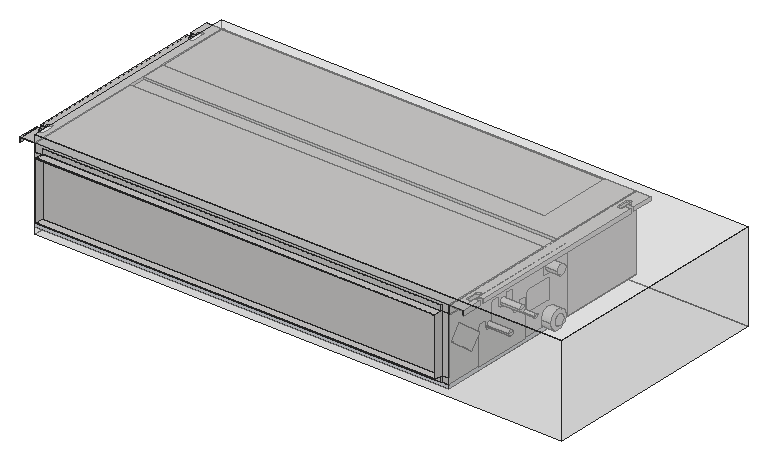
Revit family "outputfile", category 機械設備, Revit 2024
Family settings
  丸型コネクタ寸法 = 半径を使用
  パーツ タイプ = 標準
  OmniClass 番号 = 23.75.10.24.21.27.27
  OmniClass タイトル = Split System Air Conditioning Units
  作業面ベース = いいえ
  常に垂直 = はい
  ロード時にボイドで切り取り = いいえ
  注釈の向きを維持 = いいえ
  共有 = いいえ
  部屋計算ポイント = はい
Parameters (values of type "FPRQ63APVM")
  Description = ""
  書き出し IFC クラス(タイプ) = "IfcUnitaryEquipmentType"
  定義済み IFC タイプ(タイプ) = "AIRCONDITIONINGUNIT"
  Cost = 0
  Type Comments = ""
  Keynote = ""
  Type Image = (empty or 0)
  Assembly Code = ""
  w_RA Duct Size = RA Duct Size Width + 40.0 mm  # 1020.0 mm
  r_HP/LP Gas Pipe Size = [HP/LP Gas Pipe Size] / 2  # 6.35 mm
  lw_HP/LP Gas Pipe Size = 60.0 mm  # constant formula
  lh_HP/LP Gas Pipe Size = -103.0 mm
  ld_HP/LP Gas Pipe Size = 131.0 mm
  製造元 = "Daikin"
  モデル = "FPRQ63APVM"
  w_pipe = 33.0 mm
  r_Liquid Pipe Size = Liquid Pipe Size / 2  # 4.75 mm
  r_Gas Pipe Size = Gas Pipe Size / 2  # 7.95 mm
  r_Drain Pipe Size = Drain Pipe Size / 2  # 13.0 mm
  lw_powersupply = 304.0 mm
  lh_suctionflange [instance] = if(Rear Connection_Return Air, 100.0 mm + [h***], 190.0 mm + [h***])  # 100.0 mm
  ld_suctionflange [instance] = if(Rear Connection_Return Air, 190.0 mm, 100.0 mm)  # 190.0 mm
  ld_powersupply = 60.0 mm
  angle_vertical_RA [instance] = if(Rear Connection_Return Air, 90.00°, 0.00°)  # 90.00°
  angle horizontal_RA [instance] = if(Rear Connection_Return Air, 180.00°, 270.00°)  # 180.00°
  Voltage_comment_60Hz = "220-230"
  Voltage_comment_50Hz = "220 - 240"
  Voltage_60Hz = 220 V
  Voltage_50Hz = 230 V
  URL = ""
  Supply Air Direction [instance] = yes
  Sound Power Level_H speed (dB) = 0
  Rear Connection_Return Air [instance] = not(Bottom Connection_Return Air)  # yes
  RA_length = 190.0 mm  # constant formula
  Phase_60Hz = 1
  Phase_50Hz = 1
  Minimum External Static Pressure = 20.00 Pa
  Minimum Circuit Amps_60Hz = 0.75 A
  Minimum Circuit Amps_50Hz = 0.75 A
  Maximum Fuse Amps_60Hz = 16.0 A
  Maximum Fuse Amps_50Hz = 16.0 A
  Maximum External Static Pressure = 50.00 Pa
  Material_Casing = DAIKIN_GalvanizedSteel_Casing_indoorunit
  lw_liquidpipe = 54.5 mm  # constant formula
  lw_gaspipe = 54.5 mm  # constant formula
  lw_mountinghole_pitch = Width + 40.0 mm  # 1140.0 mm
  lw_mountinghole = 20.0 mm  # constant formula
  lw_drainpipe = 33.0 mm  # constant formula
  lh_powersupply = 10.0 mm
  lh_liquidpipe = 97.0 mm
  lh_gaspipe = 133.0 mm
  lh_mountinghole = Height + [h***]  # 200.0 mm
  lh_drainpipe = 50.0 mm
  lh_antena = 1.0 mm  # constant formula
  ld_liquidpipe = 221.0 mm  # constant formula
  ld_gaspipe = 176.0 mm  # constant formula
  ld_mountinghole_pitch = 500.0 mm  # constant formula
  ld_drainpipe = 287.0 mm  # constant formula
  ld_controlbox = 626.0 mm  # constant formula
  h*** = 0.0 mm  # constant formula
  d_dischargeflange = 22.2 mm  # constant formula
  Width = 1100.0 mm
  Version = "ver.1.0"
  Unit Type = "Compact Moisture Control Ceiling Mounted Duct Type"
  Unit Mass Weight = 32.00 kg
  Unit Designation [instance] = ""
  Uniclass2015Version = "Products v1.30"
  Uniclass2015Title = "Variable refrigerant flow units"
  Uniclass2015Code = "Pr_70_65_03_94"
  Total Cooling Capacity [instance] = 0.000 kW
  Sound Pressure Level_M speed (dBA) = 33
  Sound Pressure Level_L speed (dBA) = 31
  Sound Pressure Level_H speed (dBA) = 37
  Series = "VRV HOME_Fan Coil Unit"
  Sensible Cooling Capacity [instance] = 0.000 kW
  SA Duct Size Width = 1060.0 mm
  SA Duct Size Height = 153.0 mm
  Refrigerant Type = "R410A"
  RA Duct Size Width = 980.0 mm
  RA Duct Size Height = 160.0 mm
  Power Input (Cooling) = 0.072 kW
  Option Accessory 3 [instance] = ""
  Option Accessory 2 [instance] = ""
  Option Accessory 1 [instance] = ""
  Nominal Cooling Capacity = 7.100 kW
  Minimum Airflow = 780.00 m³/h
  Median Airflow = 900.00 m³/h
  Maximum Airflow = 1050.00 m³/h
  Load Classification = HVAC
  Liquid Pipe Size = 9.5 mm
  Link_Nested Family [instance] = ""
  IfcVersion = ""
  IfcExportType = "AIRCONDITIONINGUNIT"
  IfcExportAs = "IfcUnitaryEquipmentType"
  Height = 200.0 mm
  Heat Exchanger Type = "Cross Fin Coil"
  HP/LP Gas Pipe Size = 12.7 mm
  Gas Pipe Size = 15.9 mm
  Frequency_60Hz = 60 Hz
  Frequency_50Hz = 50 Hz
  Fan Type = "Sirocco Fan"
  Fan Drive = "Direct Drive"
  FCU Tag No. [instance] = ""
  Drain Pipe Size = 26.0 mm
  Design Supply Airflow [instance] = 0.00 m³/h
  Design Return Airflow [instance] = 0.00 m³/h
  Design External Static Pressure [instance] = 0.00 Pa
  Depth = 620.0 mm
  既定の高さ = 0.0 mm
  Cooling Entering Wet Bulb Temperature [instance] = 0.00 °C
  Cooling Entering Dry Bulb Temperature [instance] = 0.00 °C
  Cooling Ambient Wet Bulb Temperature [instance] = 0.00 °C
  Cooling Ambient Dry Bulb Temperature [instance] = 0.00 °C
  Clearance visibility [instance] = yes
  Clearance Top = 20.0 mm
  Clearance Right = 300.0 mm
  Clearance Rear = 0.0 mm
  Clearance Left = 0.0 mm
  Clearance Front = 0.0 mm
  Clearance Bottom = 20.0 mm
  Bottom Connection_Return Air [instance] = no
Reference planes
  plane 1 "Center (Front/Back)": y = 0
  plane 2: z = 0
  plane 3 "Center (Left/Right)": x = 0
  plane 4 "Back": y = 310
  plane 5 "Front": y = -310
  plane 6 "Left": x = -550
  plane 7 "Right": x = 550
  plane 8 "Top": z = 0
  plane 9 "Bottom": z = -200
  plane 10: x = 330
  plane 11: x = -330
  plane 12: z = -190
  plane 13: z = -6
  plane 14: z = -22
  plane 15: z = -103
  plane 16: z = -67
  plane 17: x = -304
  plane 18: x = 304
  plane 19: x = -570
  plane 20: x = 570
  plane 21: y = -250
  plane 22: y = 250
  plane 23: x = -590
  plane 24: x = 390
  plane 25: x = 604.5
  plane 26: x = 604.5
  plane 27: x = 583
  plane 28: z = 0
  plane 29: z = -150
  plane 30 "Clearance Left": x = -550
  plane 31 "Clearance Right": x = 850
  plane 32 "Clearance Rear": y = 310
  plane 33 "Clearance Front": y = -310
  plane 34 "Clearance Top": z = 20
  plane 35 "Clearance Bottom": z = -220
  plane 36: z = -21
  plane 37: z = -50
  plane 38: z = -96.5
  plane 39: x = -40
  plane 40: y = -134
  plane 41: y = -89
  plane 42: y = -30
  plane 43: y = 23
  plane 44: z = -97.5
  plane 45: y = -309
  plane 46: x = -549
  plane 47: z = -100
  plane 48: z = -30
  plane 49: y = 210
  plane 50: z = 301
  plane 51: z = -199
  plane 52: y = 120
  plane 53: z = -101
  plane 54: x = 580
  plane 55: z = 11
  plane 56: z = 102.5
  plane 57: y = -179
Forms (mm)
  Extrusion 1, solid
    sketch origin (0, 0, 0) x (1, 0, 0) y (0, 0, 1)
      loop
        line (-550, -189.537) -> (-550, -200) -> (550, -200) -> (550, -189.537) -> (-550, -189.537)
    from -84 to 310
  Extrusion 2, solid, material "DAIKIN_GalvanizedSteel_Casing_indoorunit" <- "Material_Casing"
    sketch origin (0, 0, 0) x (1, 0, 0) y (0, 1, 0)
      loop
        line (-550, -310) -> (550, -310) -> (550, 310) -> (-550, 310) -> (-550, -310)
    from -200 to 0
  Extrusion 3, void
    sketch origin (0, 0, 1) x (1, 0, 0) y (0, 1, 0)
      loop
        line (-550, 48) -> (-550, 6) -> (550, 6) -> (550, 48) -> (-550, 48)
    from -1 to -7
  Extrusion 4, void
    sketch origin (550, 0, 0) x (0, 1, 0) y (0, 0, 1)
      loop
        line (44.5, -189.537) -> (44.5, -170)
        arc (44.5, -170) -> (20, -145.5) -> (-4.5, -170) r 24.5
        line (-4.5, -170) -> (-4.5, -189.537) -> (44.5, -189.537)
    from -1 to 0
  Revolve 5, solid, material "DAIKIN_GalvanizedSteel_Casing_indoorunit" <- "Material_Casing"
    sketch origin (0, 0, -67) x (0, -1, 0) y (1, 0, 0)
      loop
        line (126.05, 551) -> (134, 551) -> (134, 604.5) -> (126.05, 604.5) -> (126.05, 551)
      axis (134, 551) -> (134, 604.5)
    angle from 0 to 360
  Revolve 6, solid, material "DAIKIN_GalvanizedSteel_Casing_indoorunit" <- "Material_Casing"
    sketch origin (0, 0, -103) x (0, -1, 0) y (1, 0, 0)
      loop
        line (89, 551) -> (89, 604.5) -> (84.25, 604.5) -> (84.25, 551) -> (89, 551)
      axis (89, 604.5) -> (89, 551)
    angle from 0 to 360
  Extrusion 7, solid, material "DAIKIN_GalvanizedSteel_Casing_indoorunit" <- "Material_Casing"
    sketch origin (550, 0, 0) x (0, 1, 0) y (0, 0, 1)
      loop
        circle (23, -50) r 13
    from 0 to 33
  Extrusion 8, solid, material "DAIKIN_GalvanizedSteel_Casing_indoorunit" <- "Material_Casing"
    sketch origin (0, 0, 0) x (1, 0, 0) y (0, 0, 1)
      loop
        line (-550, -189.537) -> (-550, -200) -> (550, -200) -> (550, -189.537) -> (-550, -189.537)
    from -84 to 310
  Extrusion 9, solid, material "DAIKIN_GalvanizedSteel_Casing_indoorunit" <- "Material_Casing", visible <- "Bottom Connection_Return Air"
    sketch origin (0, 0, 0) x (1, 0, 0) y (0, 0, 1)
      loop
        line (469, -200) -> (469, -1) -> (-549, -1) -> (-549, -200) -> (469, -200)
    from -310 to -309
  Extrusion 10, void
    sketch origin (0, 0, 0) x (1, 0, 0) y (0, 0, 1)
      loop
        line (469, 0) -> (-549, 0) -> (-549, -1) -> (469, -1) -> (469, 0)
    from -310 to -111
  Extrusion 11, solid, material "DAIKIN_GalvanizedSteel_Casing_indoorunit" <- "Material_Casing", visible <- "Rear Connection_Return Air"
    sketch origin (0, 0, 0) x (1, 0, 0) y (0, 1, 0)
      loop
        line (-549, 310) -> (-549, 111) -> (469, 111) -> (469, 310) -> (-549, 310)
    from -200 to -199
  Extrusion 12, solid, material "DAIKIN_GalvanizedSteel_Casing_indoorunit" <- "Material_Casing"
    sketch origin (550, 0, 0) x (0, 1, 0) y (0, 0, 1)
      loop
        line (310, -22.445) -> (86.953, -22.445)
        arc (86.953, -22.445) -> (84.831, -23.324) -> (83.953, -25.445) r 3
        line (83.953, -25.445) -> (83.953, -195.005)
        arc (83.953, -195.005) -> (84.831, -197.126) -> (86.953, -198.005) r 3
        line (86.953, -198.005) -> (310, -198.005) -> (310, -22.445)
    from 1 to 0
  Extrusion 13, void
    sketch origin (550, 0, 0) x (0, 1, 0) y (0, 0, 1)
      loop
        arc (38.961, -70.949) -> (42.488, -69.488) -> (43.949, -65.961) r 4.988
        line (43.949, -65.961) -> (43.949, -34.039)
        arc (43.949, -34.039) -> (42.488, -30.512) -> (38.961, -29.051) r 4.988
        line (38.961, -29.051) -> (7.039, -29.051)
        arc (7.039, -29.051) -> (3.512, -30.512) -> (2.051, -34.039) r 4.988
        line (2.051, -34.039) -> (2.051, -65.961)
        arc (2.051, -65.961) -> (3.512, -69.488) -> (7.039, -70.949) r 4.988
        line (7.039, -70.949) -> (38.961, -70.949)
    from 0 to -1
  Extrusion 14, solid, material "DAIKIN_GalvanizedSteel_Casing_indoorunit" <- "Material_Casing"
    sketch origin (550, 0, 0) x (0, 1, 0) y (0, 0, 1)
      loop
        circle (20, -170) r 24.5
    from 27 to -1
  Extrusion 15, solid, material "DAIKIN_GalvanizedSteel_Casing_indoorunit" <- "Material_Casing"
    sketch origin (550, 0, 0) x (0, 1, 0) y (0, 0, 1)
      loop
        circle (20, -170) r 13
    from 30 to 27
  Revolve 16, solid, material "DAIKIN_GalvanizedSteel_Casing_indoorunit" <- "Material_Casing"
    sketch origin (0, -90, -103) x (0, -1, 0) y (1, 0, 0)
      loop
        line (89, 551) -> (89, 610) -> (82.65, 610) -> (82.65, 551) -> (89, 551)
      axis (89, 610) -> (89, 551)
    angle from 0 to 360
  Extrusion 17, solid, material "DAIKIN_GalvanizedSteel_Casing_indoorunit" <- "Material_Casing"
    sketch origin (550, 0, 0) x (0, 1, 0) y (0, 0, 1)
      loop
        line (-211.205, -110.811) -> (-211.205, -106.897) -> (-275.959, -56.305)
        arc (-275.959, -56.305) -> (-277.067, -55.998) -> (-278.067, -56.564) r 1.502
        line (-278.067, -56.564) -> (-301.436, -86.475)
        arc (-301.436, -86.475) -> (-302.05, -88.69) -> (-300.919, -90.691) r 3.003
        line (-300.919, -90.691) -> (-237.814, -139.993)
        arc (-237.814, -139.993) -> (-235.6, -140.607) -> (-233.599, -139.475) r 3.003
        line (-233.599, -139.475) -> (-211.205, -110.811)
      loop
        line (-50.992, -82.409) -> (-50.992, -128.409)
        arc (-50.992, -128.409) -> (-50.114, -130.53) -> (-47.992, -131.409) r 3
        line (-47.992, -131.409) -> (19.012, -131.409)
        arc (19.012, -131.409) -> (21.133, -130.53) -> (22.012, -128.409) r 3
        line (22.012, -128.409) -> (22.012, -82.409)
        arc (22.012, -82.409) -> (21.133, -80.287) -> (19.012, -79.409) r 3
        line (19.012, -79.409) -> (-47.992, -79.409)
        arc (-47.992, -79.409) -> (-50.114, -80.287) -> (-50.992, -82.409) r 3
    from 0 to 1
  Extrusion 18, solid, material "DAIKIN_GalvanizedSteel_Casing_indoorunit" <- "Material_Casing"
    sketch origin (550, 0, 0) x (0, 1, 0) y (0, 0, 1)
      loop
        line (-58.882, -189.537) -> (-58.882, -94.397)
        arc (-58.882, -94.397) -> (-59.762, -92.274) -> (-61.885, -91.394) r 3.003
        line (-61.885, -91.394) -> (-74.026, -91.394)
        arc (-74.026, -91.394) -> (-76.15, -92.274) -> (-77.029, -94.397) r 3.003
        line (-77.029, -94.397) -> (-77.029, -103)
        arc (-77.029, -103) -> (-88.474, -114.959) -> (-100.924, -104.052) r 11.971
        line (-100.924, -104.052) -> (-100.924, -56.159)
        arc (-100.924, -56.159) -> (-101.804, -54.035) -> (-103.927, -53.156) r 3.003
        line (-103.927, -53.156) -> (-116.44, -53.156)
        arc (-116.44, -53.156) -> (-118.563, -54.035) -> (-119.443, -56.159) r 3.003
        line (-119.443, -56.159) -> (-119.443, -67)
        arc (-119.443, -67) -> (-134, -81.557) -> (-148.557, -67) r 14.557
        line (-148.557, -67) -> (-148.557, -56.159)
        arc (-148.557, -56.159) -> (-149.437, -54.035) -> (-151.56, -53.156) r 3.003
        line (-151.56, -53.156) -> (-164.073, -53.156)
        arc (-164.073, -53.156) -> (-166.196, -54.035) -> (-167.076, -56.159) r 3.003
        line (-167.076, -56.159) -> (-167.076, -103)
        arc (-167.076, -103) -> (-179.13, -115.055) -> (-191.185, -103) r 12.055
        line (-191.185, -103) -> (-191.185, -94.397)
        arc (-191.185, -94.397) -> (-192.064, -92.274) -> (-194.188, -91.394) r 3.003
        line (-194.188, -91.394) -> (-208.202, -91.394)
        arc (-208.202, -91.394) -> (-210.325, -92.274) -> (-211.205, -94.397) r 3.003
        line (-211.205, -94.397) -> (-211.205, -189.537) -> (-58.882, -189.537)
    from 0 to 1
Cuts and joins
  Extrusion 3, Extrusion 4, Extrusion 10, Extrusion 13 cuts Extrusion 2
  Extrusion 4 cuts Extrusion 1
  Extrusion 10 cuts Extrusion 8
Dimensions and locks
  "lh_powersupply": plane 12 to plane 9 "Bottom"
  locked: plane 8 "Top" to plane 13 at 6
  "Height": plane 8 "Top" to plane 9 "Bottom"
  equal spacing: plane 17, plane 3 "Center (Left/Right)", plane 18, locked at 304 each
  plane 17 to plane 18 = 608.0 mm
  equal spacing: plane 19, plane 3 "Center (Left/Right)", plane 20
  "lw_mountinghole_pitch": plane 19 to plane 20
  locked: plane 14 to plane 9 "Bottom" at 178
  "lw_mountinghole": plane 23 to plane 19
  "lh_liquidpipe": plane 15 to plane 9 "Bottom"
  "lh_gaspipe": plane 16 to plane 9 "Bottom"
  "lh_mountinghole": plane 28 to plane 9 "Bottom"
  "ld_mountinghole_pitch": plane 22 to plane 21
  equal spacing: plane 6 "Left", plane 3 "Center (Left/Right)", plane 7 "Right"
  "Width": plane 6 "Left" to plane 7 "Right"
  "lh_drainpipe": plane 29 to plane 9 "Bottom"
  "Clearance Right": plane 7 "Right" to plane 31 "Clearance Right"
  "Clearance Left": plane 30 "Clearance Left" to plane 6 "Left"
  "lw_gaspipe": plane 7 "Right" to plane 26
  "lw_liquidpipe": plane 7 "Right" to plane 25
  "lw_drainpipe": plane 7 "Right" to plane 27
  "Clearance Rear": plane 32 "Clearance Rear" to plane 4 "Back"
  "Clearance Front": plane 5 "Front" to plane 33 "Clearance Front"
  "Clearance Top": plane 34 "Clearance Top" to plane 8 "Top"
  "Clearance Bottom": plane 9 "Bottom" to plane 35 "Clearance Bottom"
  "lw_powersupply": plane 3 "Center (Left/Right)" to plane 18
  locked: plane 8 "Top" to plane 36 at 21
  "lh_drainpipe": plane 8 "Top" to plane 37
  locked: plane 38 to plane 9 "Bottom" at 103.5
  locked: plane 36 to plane 44 at 76.5
  "Depth": plane 4 "Back" to plane 5 "Front"
  equal spacing: plane 4 "Back", plane 1 "Center (Front/Back)", plane 5 "Front"
  locked: plane 45 to plane 5 "Front" at 1
  locked: plane 46 to plane 6 "Left" at 1
  Extrusion 9 sketch curve to Extrusion 9 sketch curve = 199.0 mm
  nested 12 to plane 39 = 490.0 mm
  locked: plane 12 to plane 47 at 90
  plane 32 "Clearance Rear" to Extrusion 9 = 1.0 mm
  locked: plane 48 to plane 35 "Clearance Bottom" at 190
  plane 49 to nested 13 = 80.0 mm
  plane 50 to plane 28 = 301.0 mm
  locked: plane 51 to plane 9 "Bottom" at 1
  "ld_suctionflange": plane 4 "Back" to plane 52
  locked: plane 53 to plane 9 "Bottom" at 99
  locked: plane 54 to plane 7 "Right" at 30
  "r_Gas Pipe Size": Revolve 5 sketch curve to Revolve 5 sketch curve
  "ld_gaspipe": plane 40 to plane 5 "Front"
  "r_Liquid Pipe Size": Revolve 6 sketch curve to plane 41
  "ld_liquidpipe": plane 41 to plane 5 "Front"
  "ld_drainpipe": plane 4 "Back" to plane 43
  "r_HP/LP Gas Pipe Size": Revolve 16 sketch curve to plane 57
  "ld_HP/LP Gas Pipe Size": plane 57 to plane 5 "Front"
  plane 8 "Top" to plane 15 = 103.0 mm
  Extrusion 3 sketch curve to plane 5 "Front" = 316.0 mm
  locked: nested 11 to plane 7 "Right" at 19.5
  locked: plane 4 "Back" to nested 11 at 49.2
  locked: plane 7 "Right" to Extrusion 10 sketch curve at 81
  locked: plane 7 "Right" to Extrusion 9 sketch curve at 81
  "ld_gaspipe": Revolve 5 sketch curve to plane 5 "Front"
  plane 8 "Top" to Extrusion 13 sketch curve to Extrusion 13 sketch curve = 29.051 mm locked, 41.898 mm locked
  "r_Drain Pipe Size": radius of Extrusion 7 sketch curve
  aligned and locked: level to plane 2
  aligned and locked: Extrusion 2 to plane 9 "Bottom"
  aligned and locked: plane 8 "Top" to Extrusion 2
  aligned and locked: Revolve 5 sketch curve to Revolve 5 sketch curve
  aligned and locked: cut or joined group of Extrusion 1, Extrusion 4 to plane 9 "Bottom"
  aligned and locked: plane 25 to nested 6
  aligned and locked: nested 6 to plane 15
  aligned and locked: nested 2 to plane 22
  aligned and locked: plane 20 to nested 2
  aligned and locked: plane 20 to nested 3
  aligned and locked: plane 19 to nested 4
  aligned and locked: plane 22 to nested 5
  aligned and locked: nested 5 to plane 22
  aligned and locked: plane 19 to nested 5
  aligned and locked: plane 8 "Top" to nested 1
  aligned and locked: Extrusion 8 to plane 5 "Front"
  aligned and locked: Extrusion 8 to plane 9 "Bottom"
  aligned and locked: nested 7 to plane 16
  aligned and locked: plane 4 "Back" to nested 1
  aligned and locked: plane 40 to nested 7
  aligned and locked: plane 41 to nested 6
  aligned and locked: Extrusion 7 sketch curve to plane 43
  aligned and locked: nested 12 to plane 46
  aligned and locked: plane 4 "Back" to Extrusion 10
  aligned and locked: plane 8 "Top" to Extrusion 3
  aligned and locked: Extrusion 9 to cut or joined group of Extrusion 2, Extrusion 3, Extrusion 4, Extrusion 10, Extrusion 13
  aligned and locked: plane 9 "Bottom" to Extrusion 11  (x2)
  aligned and locked: Extrusion 11 to plane 51
  aligned and locked: plane 4 "Back" to nested 12
  aligned and locked: Extrusion 10 to level
  aligned and locked: plane 31 "Clearance Right" to nested 14
  aligned and locked: plane 30 "Clearance Left" to nested 14
  aligned and locked: nested 14 to plane 33 "Clearance Front"
  aligned and locked: nested 14 to plane 34 "Clearance Top"
  aligned and locked: nested 14 to plane 35 "Clearance Bottom"
  aligned and locked: plane 7 "Right" to Extrusion 12
  aligned and locked: Extrusion 3 to plane 13
  aligned and locked: plane 52 to nested 15
  aligned and locked: nested 8 to plane 37
  aligned and locked: nested 10 to plane 1 "Center (Front/Back)"
  aligned and locked: plane 46 to Extrusion 9
  aligned and locked: nested 12 to plane 51
  aligned and locked: plane 3 "Center (Left/Right)" to nested 10
  aligned and locked: plane 13 to nested 16
  aligned and locked: plane 44 to nested 9
  aligned and locked: level to plane 8 "Top"
  aligned and locked: plane 3 "Center (Left/Right)" to nested 1
  aligned and locked: Extrusion 2 sketch curve to plane 5 "Front"
  aligned and locked: plane 3 "Center (Left/Right)" to nested 16
  aligned and locked: plane 5 "Front" to nested 16
  aligned and locked: nested 9 to plane 5 "Front"
  aligned and locked: plane 41 to Revolve 6 sketch curve  (x2)
  aligned and locked: plane 57 to nested 17
  aligned and locked: plane 57 to Revolve 16 sketch curve  (x2)
  aligned and locked: Revolve 16 sketch curve to nested 17
  aligned and locked: nested 17 to plane 15
  aligned and locked: plane 7 "Right" to nested 7
  aligned and locked: plane 7 "Right" to nested 17
  aligned and locked: Extrusion 11 sketch curve to cut or joined group of Extrusion 2, Extrusion 3, Extrusion 4, Extrusion 10, Extrusion 13  (x2)
  aligned and locked: plane 46 to nested 13
  aligned and locked: plane 7 "Right" to nested 8
  aligned and locked: plane 43 to nested 8
  aligned and locked: nested 11 to plane 9 "Bottom"
  aligned and locked: plane 32 "Clearance Rear" to nested 14
Automatic sketch dimensions
  Extrusion 1 sketch curve to plane 6 "Left" = 0.0 mm
  Extrusion 1 sketch curve to plane 7 "Right" = 0.0 mm
  Extrusion 1 sketch curve to plane 9 "Bottom" = 0.0 mm
  plane 12 to Extrusion 1 sketch curve = 0.463 mm
  Extrusion 2 sketch curve to plane 4 "Back" = 0.0 mm
  Extrusion 2 sketch curve to plane 6 "Left" = 0.0 mm
  Extrusion 2 sketch curve to plane 7 "Right" = 0.0 mm
  Extrusion 3 sketch curve to plane 6 "Left" = 0.0 mm
  Extrusion 3 sketch curve to plane 7 "Right" = 0.0 mm
  plane 43 to Extrusion 3 sketch curve = 25.0 mm
  plane 1 "Center (Front/Back)" to Extrusion 4 sketch curve = 4.5 mm
  Extrusion 4 sketch curve to plane 43 = 3.0 mm
  plane 12 to Extrusion 4 sketch curve = 0.463 mm
  Extrusion 4 sketch curve to Extrusion 4 sketch curve = 19.537 mm
  Revolve 5 sketch curve to plane 25 = 0.0 mm
  plane 7 "Right" to Revolve 5 sketch curve = 1.0 mm
  Revolve 5 sketch curve to plane 39 = 57.997 mm
  plane 25 to Revolve 5 sketch curve = 1.003 mm
  Revolve 6 sketch curve to plane 25 = 0.0 mm  (x2)
  plane 7 "Right" to Revolve 6 sketch curve = 1.0 mm
  Revolve 6 sketch curve to Revolve 6 sketch curve = 0.0 mm
  Extrusion 8 sketch curve to plane 6 "Left" = 0.0 mm
  Extrusion 8 sketch curve to plane 7 "Right" = 0.0 mm
  Extrusion 8 sketch curve to plane 9 "Bottom" = 0.0 mm
  plane 12 to Extrusion 8 sketch curve = 0.463 mm
  plane 46 to Extrusion 9 sketch curve = 0.0 mm
  Extrusion 9 sketch curve to plane 9 "Bottom" = 0.0 mm
  plane 46 to Extrusion 10 sketch curve = 0.0 mm
  Extrusion 10 sketch curve to level = 0.0 mm
  Extrusion 10 sketch curve to level = 1.0 mm
  Extrusion 11 sketch curve to plane 46 = 0.0 mm
  Extrusion 11 sketch curve to plane 4 "Back" = 0.0 mm
  Extrusion 13 sketch curve to plane 1 "Center (Front/Back)" = 2.051 mm
  Extrusion 13 sketch curve to plane 1 "Center (Front/Back)" = 7.039 mm
  Extrusion 13 sketch curve to Extrusion 13 sketch curve = 4.988 mm
  plane 43 to Extrusion 13 sketch curve = 15.961 mm  (x2)
  plane 16 to Extrusion 13 sketch curve = 1.039 mm
  Extrusion 14 sketch curve to plane 43 = 3.0 mm
  plane 12 to Extrusion 14 sketch curve = 20.0 mm
  Extrusion 15 sketch curve to plane 43 = 3.0 mm
  plane 12 to Extrusion 15 sketch curve = 20.0 mm
  plane 45 to Extrusion 17 sketch curve = 7.564 mm
  plane 38 to Extrusion 17 sketch curve = 5.809 mm
  Extrusion 17 sketch curve to Extrusion 17 sketch curve = 0.518 mm  (x2)
  Extrusion 17 sketch curve to Extrusion 17 sketch curve = 2.366 mm  (x3)
  Extrusion 17 sketch curve to plane 37 = 6.564 mm
  Extrusion 17 sketch curve to plane 21 = 28.067 mm
  Extrusion 17 sketch curve to Extrusion 17 sketch curve = 1.183 mm
  Extrusion 17 sketch curve to plane 37 = 6.305 mm
  Extrusion 17 sketch curve to Extrusion 17 sketch curve = 0.924 mm
  plane 21 to Extrusion 17 sketch curve = 12.186 mm
  Extrusion 17 sketch curve to Extrusion 17 sketch curve = 1.849 mm
  plane 29 to Extrusion 17 sketch curve = 10.525 mm
  Extrusion 17 sketch curve to plane 15 = 7.811 mm
  Extrusion 17 sketch curve to plane 57 = 32.205 mm
  Extrusion 17 sketch curve to plane 42 = 20.992 mm
  Extrusion 17 sketch curve to Extrusion 17 sketch curve = 3.0 mm  (x2)
  Extrusion 17 sketch curve to plane 43 = 3.988 mm  (x2)
  Extrusion 17 sketch curve to plane 43 = 0.988 mm
  plane 29 to Extrusion 17 sketch curve = 18.591 mm
  Extrusion 17 sketch curve to plane 15 = 3.897 mm
  plane 38 to Extrusion 17 sketch curve = 14.091 mm
  Extrusion 18 sketch curve to plane 15 = 0.0 mm  (x2)
  Extrusion 18 sketch curve to plane 16 = 0.0 mm  (x3)
  Extrusion 18 sketch curve to plane 41 = 0.0 mm
  Extrusion 18 sketch curve to plane 41 = 11.924 mm  (x2)
  Extrusion 18 sketch curve to plane 15 = 1.052 mm
  Extrusion 18 sketch curve to Extrusion 18 sketch curve = 3.003 mm  (x8)
  Extrusion 18 sketch curve to plane 37 = 3.156 mm  (x2)
  Extrusion 18 sketch curve to Extrusion 18 sketch curve = 12.513 mm  (x2)
  Extrusion 18 sketch curve to plane 37 = 6.159 mm  (x4)
  Extrusion 18 sketch curve to Extrusion 18 sketch curve = 0.0 mm  (x6)
  Extrusion 18 sketch curve to plane 40 = 0.0 mm
  plane 57 to Extrusion 18 sketch curve = 11.924 mm
  Extrusion 18 sketch curve to plane 57 = 0.13 mm
  plane 38 to Extrusion 18 sketch curve = 2.103 mm  (x5)
  Extrusion 18 sketch curve to Extrusion 18 sketch curve = 14.014 mm
  plane 12 to Extrusion 18 sketch curve = 0.463 mm
  Extrusion 18 sketch curve to plane 57 = 32.205 mm
  plane 38 to Extrusion 18 sketch curve = 5.106 mm
  Extrusion 18 sketch curve to Extrusion 18 sketch curve = 12.141 mm
  Extrusion 18 sketch curve to plane 42 = 28.882 mm
  Extrusion 12 sketch curve to plane 4 "Back" = 0.0 mm
  plane 51 to Extrusion 12 sketch curve = 0.995 mm
  Extrusion 12 sketch curve to plane 52 = 33.047 mm  (x2)
  Extrusion 12 sketch curve to plane 14 = 3.445 mm
  Extrusion 12 sketch curve to Extrusion 12 sketch curve = 3.0 mm
  Extrusion 7 sketch curve to plane 37 = 0.0 mm
  Revolve 16 sketch curve to plane 25 = 0.0 mm
  plane 7 "Right" to Revolve 16 sketch curve = 1.0 mm
  Revolve 16 sketch curve to Revolve 16 sketch curve = 0.0 mm
  radius of Extrusion 14 sketch curve = 24.5 mm
  radius of Extrusion 15 sketch curve = 13.0 mm
Nested families
  nested 1: "daikin_hangerfixture_FPRQ-APVM" at (0, 0, 0), type "daikin_hangerfixture_FPRQ-APVM"
    with width 1100.0 mm
  nested 2: "daikin_mountinghole" at (570, 250, -200), l_antenna <- "lh_antena", Link_Nested Family <- "Link_Nested Family", h_mountinghole <- "lh_mountinghole", type "daikin_mountinghole"
    with show yes, l_antenna 1.0 mm, h_mountinghole 200.0 mm, Link_Nested Family ""
  nested 3: "daikin_mountinghole" at (570, -250, -200), Link_Nested Family <- "Link_Nested Family", l_antenna <- "lh_antena", h_mountinghole <- "lh_mountinghole", type "daikin_mountinghole"
    with show yes, l_antenna 1.0 mm, h_mountinghole 200.0 mm, Link_Nested Family ""
  nested 4: "daikin_mountinghole" at (-570, -250, -200), l_antenna <- "lh_antena", Link_Nested Family <- "Link_Nested Family", h_mountinghole <- "lh_mountinghole", type "daikin_mountinghole"
    with show yes, l_antenna 1.0 mm, h_mountinghole 200.0 mm, Link_Nested Family ""
  nested 5: "daikin_mountinghole" at (-570, 250, -200), l_antenna <- "lh_antena", Link_Nested Family <- "Link_Nested Family", h_mountinghole <- "lh_mountinghole", type "daikin_mountinghole"
    with show yes, l_antenna 1.0 mm, h_mountinghole 200.0 mm, Link_Nested Family ""
  nested 6: "daikin_connector_rotate2" at (550, -89, -103) x (0, 1, 0) z (0, 0, 1), length <- "lw_liquidpipe", built-in parameter 1001364 <- "lh_liquidpipe", radius <- "r_Liquid Pipe Size", type "daikin_connector_rotate2"
    with radius 4.75 mm, length 54.5 mm, angle_vertical 90.00°
  nested 7: "daikin_connector_rotate2" at (550, -134, -67) x (0, 1, 0) z (0, 0, 1), length <- "lw_gaspipe", built-in parameter 1001364 <- "lh_gaspipe", radius <- "r_Gas Pipe Size", type "daikin_connector_rotate2"
    with radius 7.95 mm, length 54.5 mm, angle_vertical 90.00°
  nested 8: "daikin_connector_rotate2" at (550, 23, -50) x (0, 1, 0) z (0, 0, 1), built-in parameter 1001364 <- "lh_drainpipe", radius <- "r_Drain Pipe Size", length <- "lw_drainpipe", type "daikin_connector_rotate2"
    with radius 13.0 mm, length 33.0 mm, angle_vertical 90.00°
  nested 9: "daikin_connector_rotate2" at (0, -310, -97.5), length <- "d_dischargeflange", type "daikin_connector_rotate2"
    with radius 10.0 mm, length 22.2 mm, angle_vertical 90.00°
  nested 10: "daikin_△_symbolicline" at (-75, -129.904, 200) x (-0.5, 0.866, 0) z (0, 0, 1), built-in parameter 1001364 <- "Height", visible <- "Supply Air Direction", type "daikin_△_symbolicline"
    with length 300.0 mm
  nested 11: "daikin_connector_rotate2" at (530.5, 260.8, -140) x (-1, 0, 0) z (0, 0, 1), type "daikin_connector_rotate2"
    with radius 10.0 mm, length 60.0 mm, angle_vertical 0.00°
  nested 12: "daikin_ductflange_FPRQ-APVM_2" at (-40, 310, -100), material <- "Material_Casing", visible <- "Rear Connection_Return Air", height <- "RA Duct Size Height", width <- "w_RA Duct Size", type "daikin_ductflange_FPRQ-APVM_2"
    with width 1020.0 mm, material DAIKIN_GalvanizedSteel_Casing_indoorunit, height 160.0 mm, depth 21.2 mm
  nested 13: "daikin_ductflange_FPRQ-APVM_2" at (-40, 210, -200) x (1, 0, 0) z (0, 1, 0), material <- "Material_Casing", visible <- "Bottom Connection_Return Air", width <- "w_RA Duct Size", height <- "RA Duct Size Height", type "daikin_ductflange_FPRQ-APVM_2"
    with width 1020.0 mm, material DAIKIN_GalvanizedSteel_Casing_indoorunit, height 160.0 mm, depth 21.2 mm
  nested 14: "daikin_clearancespace" at (150, 0, -99.881), visible <- "Clearance visibility", show <- "Clearance visibility", Link_Nested Family <- "Link_Nested Family", type "daikin_clearancespace"
    with width 1400.0 mm, show yes, height 240.0 mm, depth 620.0 mm, Link_Nested Family ""
  nested 15: "daikin_connector_rotate3" at (-40, 120, -100), built-in parameter 1001364 <- "lh_suctionflange", angle_vertical <- "angle_vertical_RA", angle_horizontal <- "angle horizontal_RA", length <- "RA_length", type "daikin_connector_rotate3"
    with show no, radius 10.0 mm, length 190.0 mm, angle_vertical 90.00°, angle_horizontal 180.00°
  nested 16: "daikin_ductflange_FPRQ-APVM_1" at (0, 3.5, -364.201), width <- "SA Duct Size Width", type "daikin_ductflange_FPRQ-APVM_1"
    with width 1060.0 mm, material DAIKIN_GalvanizedSteel_Casing_indoorunit, height 155.0 mm, depth 22.2 mm
  nested 17: "daikin_connector_rotate2" at (550, -179, -103) x (0, 1, 0) z (0, 0, 1), length <- "lw_HP/LP Gas Pipe Size", built-in parameter 1001364 <- "lh_HP/LP Gas Pipe Size", radius <- "r_HP/LP Gas Pipe Size", type "daikin_connector_rotate2"
    with radius 6.35 mm, length 60.0 mm, angle_vertical 90.00°
Connectors
  piping at (604.5, -134, -67), diameter 15.9, driven by "r_Gas Pipe Size"
    settings: on nested 7, index 1, connector inside diameter 609.6 mm, connector length 0.0 mm, flow factor 0, pipe flow 0.00 m³/h, pressure drop 0.0 Pa, fitting loss kfactor 0, connector angle 0.00°, fixture units 0, engagement length 0.0 mm, angle of deflection 0.00°, flow configuration 1, flow direction 2, fitting loss method 0, system type 29, joint type 0, gender type 0, connector reference index -1, connector utility 0, adjustable connector no, is connector primary yes, connector description "Refrigerant Gas Piping"
  piping at (604.5, -89, -103), diameter 9.5, driven by "r_Liquid Pipe Size"
    settings: on nested 6, index 2, connector inside diameter 609.6 mm, connector length 0.0 mm, flow factor 0, pipe flow 0.00 m³/h, pressure drop 0.0 Pa, fitting loss kfactor 0, connector angle 0.00°, fixture units 0, engagement length 0.0 mm, angle of deflection 0.00°, flow configuration 1, flow direction 1, fitting loss method 0, system type 29, joint type 0, gender type 0, connector reference index -1, connector utility 0, adjustable connector no, is connector primary no, connector description "Refrigerant Liquid Piping"
  piping at (583, 23, -50), diameter 26, driven by "r_Drain Pipe Size"
    settings: on nested 8, index 3, connector inside diameter 609.6 mm, connector length 0.0 mm, flow factor 0, pipe flow 0.00 m³/h, pressure drop 0.0 Pa, fitting loss kfactor 0, connector angle 0.00°, fixture units 0, engagement length 0.0 mm, angle of deflection 0.00°, flow configuration 1, flow direction 2, fitting loss method 4, system type 16, joint type 0, gender type 0, connector reference index -1, connector utility 0, adjustable connector no, is connector primary no, connector description "Condensate Drain Piping"
  electrical at (530.5, 260.8, -200), driven by "Load Classification"
    settings: on nested 11, index 9, voltage 0 V, apparent load 0 VA, apparent load phase1 0 VA, apparent load phase2 0 VA, apparent load phase3 0 VA, power factor 1, load classification "HVAC", number of poles 1, system type 30, power factor state 1, is connector primary yes, connector utility no, sub classification motor no, connector description "Power Supply"
  hvac at (0, -332.2, -97.5), driven by "SA Duct Size Height", driven by "SA Duct Size Width"
    settings: on nested 9, index 11, duct flow 0.00 m³/h, flow factor 0, pres drop 0.00 Pa, loss coef 0, conn angle 0.00°, conn width 1060.0 mm, conn height 153.0 mm, conn diameter 609.6 mm, duct sys type 1, conn prof type 1, flow config 0, flow direction 2, loss method 4, conn ref index -1, conn util no, is conn primary yes, conn desc "SA Duct"
  hvac at (-40, 310, -100), driven by "RA Duct Size Height", driven by "RA Duct Size Width"
    settings: on nested 15, index 12, duct flow 0.00 m³/h, flow factor 0, pres drop 0.00 Pa, loss coef 0, conn angle 0.00°, conn width 980.0 mm, conn height 160.0 mm, conn diameter 609.6 mm, duct sys type 2, conn prof type 1, flow config 0, flow direction 1, loss method 4, conn ref index -1, conn util no, is conn primary no, conn desc "RA Duct"
  piping at (604.5, -134, -67), diameter 15.9, driven by "r_Gas Pipe Size"
    settings: on nested 7, index 13, connector inside diameter 609.6 mm, connector length 0.0 mm, flow factor 0, pipe flow 0.00 m³/h, pressure drop 0.0 Pa, fitting loss kfactor 0, connector angle 0.00°, fixture units 0, engagement length 0.0 mm, angle of deflection 0.00°, flow configuration 1, flow direction 2, fitting loss method 0, system type 29, joint type 0, gender type 0, connector reference index -1, connector utility 0, adjustable connector no, is connector primary no, connector description "Refrigerant Gas Piping"
  piping at (610, -179, -103), diameter 12.7, driven by "r_HP/LP Gas Pipe Size"
    settings: on nested 17, index 14, connector inside diameter 609.6 mm, connector length 0.0 mm, flow factor 0, pipe flow 0.00 m³/h, pressure drop 0.0 Pa, fitting loss kfactor 0, connector angle 0.00°, fixture units 0, engagement length 0.0 mm, angle of deflection 0.00°, flow configuration 1, flow direction 0, fitting loss method 0, system type 29, joint type 0, gender type 0, connector reference index -1, connector utility 0, adjustable connector no, is connector primary no, connector description "Refrigerant HP/LP Gas Piping"
Definition of nested family "daikin_hangerfixture_FPRQ-APVM"
  Parameters (values of type "daikin_hangerfixture_FXDQ-PDVT4")
    width = 700.0 mm
    material = none
    height = 65.0 mm
    depth = 620.0 mm
    Default Elevation = 0.0 mm
  Reference planes
    plane 1 "Center (Front/Back)": y = 0
    plane 2: z = 0
    plane 3 "Center (Left/Right)": x = 0
    plane 4: x = 350
    plane 5: y = 310
    plane 6: y = -310
    plane 7: x = -350
  Forms (mm)
    Extrusion 1, solid, material <- "material"
      sketch origin (0, 0, 0) x (1, 0, 0) y (0, 0, 1)
        loop
          line (350, 0) -> (350, -24.477) -> (351.56, -22.917) -> (351.56, -1.56) -> (387.944, -1.56) -> (387.944, -11.312) -> (389.504, -11.312) -> (389.504, 0) -> (350, 0)
      from -310 to 310
    Extrusion 2, void
      sketch origin (0, 0, 0) x (0, 1, 0) y (0, 0, 1)
        loop
          line (310, -30) -> (310, -17.979) -> (87.935, -17.979) -> (75.914, -30) -> (310, -30)
      from 0 to 618
    Extrusion 3, void
      sketch origin (0, 0, 0) x (1, 0, 0) y (0, 1, 0)
        loop
          line (390, -243.5) -> (377, -243.5) -> (377, -237)
          arc (377, -237) -> (370, -230) -> (363, -237) r 7
          line (363, -237) -> (363, -263)
          arc (363, -263) -> (370, -270) -> (377, -263) r 7
          line (377, -263) -> (377, -256.5) -> (390, -256.5) -> (390, -243.5)
        loop
          line (390, 243.5) -> (390, 256.5) -> (377, 256.5) -> (377, 263)
          arc (377, 263) -> (370, 270) -> (363, 263) r 7
          line (363, 263) -> (363, 237)
          arc (363, 237) -> (370, 230) -> (377, 237) r 7
          line (377, 237) -> (377, 243.5) -> (390, 243.5)
      from -254.96 to 618
    Extrusion 4, solid, material <- "material"
      sketch origin (0, 0, 0) x (-1, 0, 0) y (0, 0, -1)
        loop
          line (350, 0) -> (389.504, 0) -> (389.504, 11.312) -> (387.944, 11.312) -> (387.944, 1.56) -> (351.56, 1.56) -> (351.56, 22.917) -> (350, 24.477) -> (350, 0)
      from -310 to 310
    Extrusion 5, void
      sketch origin (0, 0, 0) x (-1, 0, 0) y (0, -1, 0)
        loop
          line (390, 243.5) -> (390, 256.5) -> (377, 256.5) -> (377, 263)
          arc (377, 263) -> (370, 270) -> (363, 263) r 7
          line (363, 263) -> (363, 237)
          arc (363, 237) -> (370, 230) -> (377, 237) r 7
          line (377, 237) -> (377, 243.5) -> (390, 243.5)
        loop
          line (390, -243.5) -> (377, -243.5) -> (377, -237)
          arc (377, -237) -> (370, -230) -> (363, -237) r 7
          line (363, -237) -> (363, -263)
          arc (363, -263) -> (370, -270) -> (377, -263) r 7
          line (377, -263) -> (377, -256.5) -> (390, -256.5) -> (390, -243.5)
      from -254.96 to 618
  Cuts and joins
    Extrusion 2, Extrusion 3, Extrusion 5 cuts Extrusion 1
    Extrusion 5 cuts Extrusion 4
  Dimensions and locks
    equal spacing: plane 5, plane 1 "Center (Front/Back)", plane 6
    "depth": plane 5 to plane 6
    plane 6 to plane 1 "Center (Front/Back)" to plane 5 = 310.0 mm, 310.0 mm
    locked: Extrusion 1 sketch curve to plane 4 at 1.56
    locked: level to Extrusion 1 sketch curve at 1.56
    locked: Extrusion 1 sketch curve to plane 4 at 39.504
    locked: level to Extrusion 1 sketch curve at 11.312
    locked: Extrusion 1 sketch curve to Extrusion 1 sketch curve at 1.56
    locked: level to Extrusion 1 sketch curve at 24.477
    equal spacing: plane 7, plane 3 "Center (Left/Right)", plane 4
    "width": plane 7 to plane 4
    locked: plane 7 to Extrusion 4 sketch curve at 1.56
    locked: level to Extrusion 4 sketch curve at 11.312
    locked: plane 7 to Extrusion 4 sketch curve at 39.504
    locked: Extrusion 4 sketch curve to Extrusion 4 sketch curve at 1.56
    locked: plane 2 to Extrusion 4 sketch curve at 1.56
    locked: plane 2 to Extrusion 4 sketch curve at 24.477
    locked: Extrusion 5 sketch curve to plane 7 at 13
    aligned and locked: level to plane 2
    aligned and locked: plane 5 to Extrusion 1
    aligned and locked: Extrusion 1 to plane 6
    aligned and locked: Extrusion 1 to plane 4
    aligned and locked: plane 5 to cut or joined group of Extrusion 1, Extrusion 2, Extrusion 3, Extrusion 5
    aligned and locked: cut or joined group of Extrusion 1, Extrusion 2, Extrusion 3, Extrusion 5 to plane 6
    aligned and locked: level to cut or joined group of Extrusion 1, Extrusion 2, Extrusion 3, Extrusion 5
    aligned and locked: plane 5 to cut or joined group of Extrusion 4, Extrusion 5
    aligned and locked: cut or joined group of Extrusion 4, Extrusion 5 to plane 6
    aligned and locked: Extrusion 1 sketch curve to level
    aligned and locked: Extrusion 4 sketch curve to plane 7
    aligned and locked: plane 2 to Extrusion 4 sketch curve
  Automatic sketch dimensions
    Extrusion 2 sketch curve to plane 5 = 0.0 mm
    Extrusion 2 sketch curve to level = 17.979 mm
    Extrusion 2 sketch curve to plane 1 "Center (Front/Back)" = 87.935 mm
    Extrusion 2 sketch curve to level = 30.0 mm
    Extrusion 2 sketch curve to Extrusion 2 sketch curve = 12.021 mm
    plane 4 to Extrusion 3 sketch curve = 13.0 mm  (x2)
    Extrusion 3 sketch curve to Extrusion 3 sketch curve = 7.0 mm  (x4)
    Extrusion 3 sketch curve to Extrusion 3 sketch curve = 13.0 mm  (x4)
    plane 6 to Extrusion 3 sketch curve = 47.0 mm
    Extrusion 3 sketch curve to Extrusion 3 sketch curve = 6.5 mm  (x4)
    Extrusion 3 sketch curve to plane 5 = 73.0 mm
    Extrusion 5 sketch curve to plane 5 = 73.0 mm
    plane 6 to Extrusion 5 sketch curve = 73.0 mm
    Extrusion 5 sketch curve to Extrusion 5 sketch curve = 7.0 mm  (x4)
    Extrusion 5 sketch curve to Extrusion 5 sketch curve = 13.0 mm  (x4)
    Extrusion 5 sketch curve to Extrusion 5 sketch curve = 6.5 mm  (x4)
    Extrusion 1 sketch curve to plane 4 = 0.0 mm
    Extrusion 1 sketch curve to Extrusion 1 sketch curve = 1.56 mm
    Extrusion 4 sketch curve to Extrusion 4 sketch curve = 1.56 mm
    Extrusion 5 sketch curve to plane 7 = 13.0 mm
Definition of nested family "daikin_ductflange_FPRQ-APVM_2"
  Parameters (values of type "daikin_ductflange_FPRQ-APVM_2")
    width [instance] = 620.0 mm
    material [instance] = none
    height [instance] = 160.0 mm
    depth [instance] = 21.2 mm
    Default Elevation = 0.0 mm
  Reference planes
    plane 1 "Center (Front/Back)": y = 0
    plane 2: z = 0
    plane 3 "Center (Left/Right)": x = 0
    plane 4: y = -313.5
    plane 5: y = -334.7
    plane 6: x = -310
    plane 7: x = 310
    plane 8: z = 80
    plane 9: z = -80
    plane 10: z = 100
    plane 11: z = -100
    plane 12: x = -309
    plane 13: x = 309
  Forms (mm)
    Extrusion 1, solid, material <- "material"
      sketch origin (0, 0, 0) x (1, 0, 0) y (0, 0, 1)
        loop
          line (-290, 80) -> (-290, -80) -> (290, -80) -> (290, 80) -> (-290, 80)
        loop
          line (-309, -99) -> (309, -99) -> (309, 99) -> (-309, 99) -> (-309, -99)
      from 0 to 1
  Dimensions and locks
    plane 4 to plane 1 "Center (Front/Back)" = 313.5 mm
    "depth": plane 5 to plane 4
    equal spacing: plane 7, plane 3 "Center (Left/Right)", plane 6, locked at 310 each
    "width": plane 7 to plane 6
    equal spacing: plane 8, level, plane 9
    "height": plane 8 to plane 9
    equal spacing: plane 10, level, plane 11, locked at 100 each
    locked: plane 10 to plane 11 at 200
    plane 12 to plane 6 = 1.0 mm
    locked: plane 7 to plane 13 at 1
    Extrusion 1 sketch curve to Extrusion 1 sketch curve = 19.0 mm  (x4)
    locked: plane 10 to Extrusion 1 sketch curve at 1
    locked: Extrusion 1 sketch curve to plane 11 at 1
    aligned and locked: level to plane 2
    aligned and locked: plane 8 to Extrusion 1
    aligned and locked: plane 9 to Extrusion 1
  Automatic sketch dimensions
    plane 6 to Extrusion 1 sketch curve = 1.0 mm
    Extrusion 1 sketch curve to plane 7 = 1.0 mm
Definition of nested family "daikin_clearancespace"
  Parameters (values of type "daikin_clearancespace")
    Description = "daikin_clearancespace"
    width [instance] = 1823.963 mm
    show [instance] = yes
    material = none
    height [instance] = 1359.762 mm
    depth [instance] = 880.0 mm
    Default Elevation = 0.0 mm
    Link_Nested Family [instance] = ""
  Reference planes
    plane 1 "Center (Front/Back)": y = 0
    plane 2 "Center (Elevation)": z = -0.119
    plane 3 "Center (Left/Right)": x = 0
    plane 4: y = 440
    plane 5: y = -440
    plane 6 "Right": x = 911.982
    plane 7 "Left": x = -911.982
    plane 8 "Top": z = 679.762
    plane 9 "Bottom": z = -680
  Forms (mm)
    Extrusion 1, solid, material <- "material", visible <- "show"
      sketch origin (0, 0, 0) x (1, 0, 0) y (0, 1, 0)
        loop
          line (-911.982, 440) -> (-911.982, -440) -> (911.982, -440) -> (911.982, 440) -> (-911.982, 440)
      from -680 to 679.762
  Lines and regions (mm)
    symbolic lines, visible <- "show"
      curve 1: line (911.982, 440, 0) -> (-911.982, 440, 0)
      curve 2: line (-911.982, 440, 0) -> (-911.982, -440, 0)
      curve 3: line (-911.982, -440, 0) -> (911.982, -440, 0)
      curve 4: line (911.982, -440, 0) -> (911.982, 440, 0)
      curve 5: line (911.982, 0, 679.762) -> (-911.982, 0, 679.762)
      curve 6: line (911.982, 0, -680) -> (911.982, 0, 679.762)
      curve 7: line (-911.982, 0, -680) -> (911.982, 0, -680)
      curve 8: line (-911.982, 0, 679.762) -> (-911.982, 0, -680)
      curve 9: line (0, 440, 679.762) -> (0, -440, 679.762)
      curve 10: line (0, -440, 679.762) -> (0, -440, -680)
      curve 11: line (0, 440, -680) -> (0, 440, 679.762)
      curve 12: line (0, -440, -680) -> (0, 440, -680)
  Dimensions and locks
    "width": plane 7 "Left" to plane 6 "Right"
    "depth": plane 4 to plane 5
    "height": plane 8 "Top" to plane 9 "Bottom"
    equal spacing: plane 7 "Left", plane 3 "Center (Left/Right)", plane 6 "Right"
    equal spacing: plane 4, plane 1 "Center (Front/Back)", plane 5
    equal spacing: plane 8 "Top", plane 2 "Center (Elevation)", plane 9 "Bottom"
    aligned and locked: level to plane 2 "Center (Elevation)"
    aligned and locked: Extrusion 1 sketch curve to plane 4
    aligned and locked: plane 7 "Left" to Extrusion 1 sketch curve
    aligned and locked: Extrusion 1 sketch curve to plane 5
    aligned and locked: Extrusion 1 sketch curve to plane 6 "Right"
    aligned and locked: plane 8 "Top" to Extrusion 1
    aligned and locked: curve 1 to Extrusion 1
    aligned and locked: curve 2 to Extrusion 1
    aligned and locked: curve 3 to Extrusion 1
    aligned and locked: curve 4 to Extrusion 1
    aligned and locked: curve 5 to Extrusion 1
    aligned and locked: curve 6 to Extrusion 1
    aligned and locked: curve 7 to Extrusion 1
    aligned and locked: curve 8 to Extrusion 1
    aligned and locked: curve 9 to Extrusion 1
    aligned and locked: curve 10 to Extrusion 1
    aligned and locked: curve 11 to Extrusion 1
    aligned and locked: curve 12 to Extrusion 1
    aligned and locked: Extrusion 1 to plane 9 "Bottom"
Definition of nested family "daikin_ductflange_FPRQ-APVM_1"
  Parameters (values of type "daikin_ductflange_FXDQ-PDVT4_1")
    width [instance] = 660.0 mm
    material [instance] = none
    height [instance] = 155.0 mm
    depth [instance] = 22.2 mm
    Default Elevation = 0.0 mm
  Reference planes
    plane 1 "Center (Front/Back)": y = 0
    plane 2: z = 189.201
    plane 3 "Center (Left/Right)": x = 0
    plane 4: y = -313.5
    plane 5: x = -330
    plane 6: x = 330
    plane 7: y = -335.7
    plane 8: z = 344.201
    plane 9: z = 266.701
    plane 10: z = 343.201
    plane 11: z = 190.201
  Forms (mm)
    Extrusion 1, solid, material <- "material"
      sketch origin (0, 0, 189.201) x (1, 0, 0) y (0, 1, 0)
        loop
          line (-330, -335.7) -> (-330, -313.5) -> (-350, -313.5) -> (-350, -314.5) -> (-331, -314.5) -> (-331, -335.7) -> (-330, -335.7)
        loop
          line (330, -335.7) -> (331, -335.7) -> (331, -314.5) -> (350, -314.5) -> (350, -313.5) -> (330, -313.5) -> (330, -335.7)
      from 1 to 154
    Extrusion 2, solid, material <- "material"
      sketch origin (0, 0, 0) x (0, 1, 0) y (0, 0, 1)
        loop
          line (-313.5, 343.201) -> (-313.5, 358.201) -> (-314.5, 358.201) -> (-314.5, 344.201) -> (-335.7, 344.201) -> (-335.7, 343.201) -> (-313.5, 343.201)
        loop
          line (-313.5, 190.201) -> (-335.7, 190.201) -> (-335.7, 189.201) -> (-314.5, 189.201) -> (-314.5, 175.201) -> (-313.5, 175.201) -> (-313.5, 190.201)
      from -330 to 330
  Dimensions and locks
    plane 4 to plane 1 "Center (Front/Back)" = 313.5 mm
    "depth": plane 7 to plane 4
    equal spacing: plane 8, plane 9, level
    "height": plane 8 to level
    equal spacing: plane 6, plane 3 "Center (Left/Right)", plane 5
    "width": plane 6 to plane 5
    locked: plane 8 to plane 10 at 1
    locked: plane 11 to level at 1
    locked: Extrusion 1 to Extrusion 2 sketch curve at 1
    locked: Extrusion 2 sketch curve to Extrusion 1 at 1
    locked: Extrusion 1 sketch curve to Extrusion 1 sketch curve at 1  (x2)
    locked: Extrusion 1 sketch curve to plane 5 at 20
    locked: plane 6 to Extrusion 1 sketch curve at 20
    aligned and locked: level to plane 2
    aligned and locked: plane 4 to Extrusion 1  (x2)
    aligned and locked: plane 5 to Extrusion 1
    aligned and locked: Extrusion 1 to plane 7  (x2)
    aligned and locked: Extrusion 1 to plane 6
    aligned and locked: Extrusion 1 to plane 10
    aligned and locked: Extrusion 1 to plane 11
    aligned and locked: plane 10 to Extrusion 1
    aligned and locked: plane 11 to Extrusion 1
    aligned and locked: Extrusion 2 to plane 5
    aligned and locked: plane 5 to Extrusion 2
    aligned and locked: plane 6 to Extrusion 2
    aligned and locked: Extrusion 2 to plane 6
    aligned and locked: Extrusion 2 to plane 11
    aligned and locked: Extrusion 2 to plane 10
  Automatic sketch dimensions
    Extrusion 1 sketch curve to plane 4 = 0.0 mm  (x2)
    Extrusion 1 sketch curve to plane 7 = 0.0 mm  (x2)
    Extrusion 1 sketch curve to plane 5 = 0.0 mm
    Extrusion 1 sketch curve to plane 5 = 1.0 mm
    plane 6 to Extrusion 1 sketch curve = 1.0 mm
    Extrusion 2 sketch curve to plane 7 = 0.0 mm  (x2)
    Extrusion 2 sketch curve to plane 4 = 0.0 mm  (x2)
    Extrusion 2 sketch curve to plane 11 = 0.0 mm
    Extrusion 2 sketch curve to plane 10 = 0.0 mm
    Extrusion 2 sketch curve to plane 4 = 1.0 mm  (x2)
    Extrusion 2 sketch curve to level = 14.0 mm
    plane 8 to Extrusion 2 sketch curve = 14.0 mm
    Extrusion 1 sketch curve to plane 6 = 0.0 mm
Definition of nested family "daikin_mountinghole"
  Parameters (values of type "daikin_mountinghole")
    Default Elevation = 1219.2 mm
    Type Comments = "mountinghole"
    show [instance] = yes
    material = none
    l_centerline = 100.0 mm
    l_antenna [instance] = 100.0 mm
    h_mountinghole [instance] = 0.0 mm
    d_circle = 30.0 mm
    Link_Nested Family [instance] = ""
  Reference planes
    plane 1 "Center (Front/Back)": y = 0
    plane 2: z = 0
    plane 3 "Center (Left/Right)": x = 0
    plane 4: y = 50
    plane 5: x = -50
    plane 6: x = 50
    plane 7: y = -50
    plane 8 "h_mountinghole": z = 0
    plane 9: z = 100
  Lines and regions (mm)
    model lines, detail levels fine
      curve 1: circle (0, 0, 0) r 15 normal (0, 0, 1)
      curve 2: line (-50, 0, 0) -> (50, 0, 0)
      curve 3: line (0, 50, 0) -> (0, -50, 0)
    symbolic lines, detail levels fine
      curve 4: circle (0, 0, 0) r 15 normal (0, 0, 1)
      curve 5: line (-50, 0, 0) -> (50, 0, 0)
      curve 6: line (0, 50, 0) -> (0, -50, 0)
    model lines
      curve 7: line (0, 0, 100) -> (0, 0, 0)
  Dimensions and locks
    equal spacing: plane 4, plane 1 "Center (Front/Back)", plane 7
    "l_centerline": plane 4 to plane 7
    equal spacing: plane 5, plane 3 "Center (Left/Right)", plane 6
    "l_centerline": plane 5 to plane 6
    "l_antenna": plane 9 to plane 8 "h_mountinghole"
    "h_mountinghole": plane 8 "h_mountinghole" to plane 2
    "d_circle": diameter of curve 1
    "d_circle": diameter of curve 4
    aligned and locked: level to plane 2
    aligned and locked: plane 1 "Center (Front/Back)" to curve 1
    aligned and locked: plane 3 "Center (Left/Right)" to curve 1
    aligned and locked: plane 1 "Center (Front/Back)" to curve 2
    aligned and locked: curve 3 to plane 3 "Center (Left/Right)"
    aligned and locked: plane 6 to curve 2
    aligned and locked: plane 5 to curve 2
    aligned and locked: plane 4 to curve 3
    aligned and locked: plane 7 to curve 3
    aligned and locked: plane 1 "Center (Front/Back)" to curve 4
    aligned and locked: plane 3 "Center (Left/Right)" to curve 4
    aligned and locked: plane 6 to curve 5
    aligned and locked: plane 5 to curve 5
    aligned and locked: plane 1 "Center (Front/Back)" to curve 5
    aligned and locked: plane 4 to curve 6
    aligned and locked: plane 7 to curve 6
    aligned and locked: curve 6 to plane 3 "Center (Left/Right)"
    aligned and locked: curve 7 to plane 3 "Center (Left/Right)"
    aligned and locked: plane 9 to curve 7
    aligned and locked: plane 8 "h_mountinghole" to curve 7
Definition of nested family "daikin_connector_rotate2"
  Parameters (values of type "daikin_connector_rotate2")
    show_face = no
    radius [instance] = 10.0 mm
    length [instance] = 600.0 mm
    d_surface = 10.0 mm
    angle_vertical [instance] = 90.00°
    Default Elevation = 0.0 mm
  Reference planes
    plane 1 "Center (Front/Back)": y = 0
    plane 2: z = 0
    plane 3 "Center (Left/Right)": x = 0
  Forms (mm)
    Extrusion 1, solid, visible <- "show_face"
      sketch origin (0, -600, 0) x (1, 0, 0) y (0, 0, 1)
        loop
          circle (0, 0) r 10
      from 0 to -10
  Lines and regions (mm)
    reference lines
      curve 1: line (0, 0, 0) -> (0, -600, 0)
    symbolic lines
      curve 2: circle (0, 0, 0) r 5 normal (0, 0, 1)
    model lines, visible <- "show_face"
      curve 3: line (0, 0, 0) -> (0, -600, 0)
  Dimensions and locks
    "length": curve 1 to curve 1
    "length": curve 3 to curve 3
    "d_surface": Extrusion 1 to Extrusion 1
    "radius": radius of Extrusion 1 sketch curve
    "angle_vertical": angle curve 1 to plane 1 "Center (Front/Back)"
    "angle_vertical": angle curve 3 to plane 1 "Center (Front/Back)"
    aligned and locked: level to plane 2
    aligned and locked: plane 1 "Center (Front/Back)" to curve 1
    aligned and locked: plane 2 to curve 1
    aligned and locked: plane 1 "Center (Front/Back)" to curve 2
    aligned and locked: plane 3 "Center (Left/Right)" to curve 2
    aligned and locked: plane 1 "Center (Front/Back)" to curve 3
    aligned and locked: plane 2 to curve 3
    aligned and locked: Extrusion 1 to Extrusion 1
  Automatic sketch dimensions
    Extrusion 1 sketch curve to level = 0.0 mm
    Extrusion 1 sketch curve to plane 3 "Center (Left/Right)" = 0.0 mm
    radius of curve 2 = 5.0 mm
Definition of nested family "daikin_△_symbolicline"
  Parameters (values of type "daikin_△_symbolicline")
    length [instance] = 500.0 mm
    Default Elevation = 0.0 mm
  Reference planes
    plane 1 "Center (Front/Back)": y = 0
    plane 2: z = 0
    plane 3 "Center (Left/Right)": x = 0
  Lines and regions (mm)
    symbolic lines
      curve 1: line (0, -433.013, 0) -> (250, 0, 0)
      curve 2: line (250, 0, 0) -> (-250, 0, 0)
      curve 3: line (-250, 0, 0) -> (0, -433.013, 0)
  Dimensions and locks
    equal spacing: curve 3, plane 3 "Center (Left/Right)", curve 2
    "length": curve 3 to curve 2
    "length": curve 3 to curve 3
    "length": curve 1 to curve 1
    aligned and locked: level to plane 2
    aligned and locked: curve 2 to plane 1 "Center (Front/Back)"
    aligned and locked: plane 3 "Center (Left/Right)" to curve 3
Definition of nested family "daikin_connector_rotate3"
  Parameters (values of type "daikin_connector_rotate3")
    Default Elevation = 0.0 mm
    show [instance] = no
    radius [instance] = 10.0 mm
    length [instance] = 600.0 mm
    angle_horizontal [instance] = 60.00°
    angle_vertical [instance] = 90.00°
  Reference planes
    plane 1 "Center (Front/Back)": y = 0
    plane 2: z = 0
    plane 3 "Center (Left/Right)": x = 0
  Dimensions and locks
    "angle_horizontal": angle plane 3 "Center (Left/Right)" to nested 1
    aligned and locked: level to plane 2
    aligned and locked: plane 1 "Center (Front/Back)" to nested 1  (x2)
    aligned and locked: plane 3 "Center (Left/Right)" to nested 1
  Nested families
    nested 1: "daikin_connector_rotate2" at (0, 0, 0) x (0.5, 0.866, 0) z (0, 0, 1), angle_vertical <- "angle_vertical", length <- "length", radius <- "radius", type "daikin_connector_rotate2"
      with radius 10.0 mm, length 600.0 mm, angle_vertical 90.00°, show_face no
  Definition of nested family "daikin_connector_rotate2"
    Parameters (values of type "daikin_connector_rotate2")
      show_face = yes
      radius [instance] = 10.0 mm
      length [instance] = 600.0 mm
      d_surface = 10.0 mm
      angle_vertical [instance] = 90.00°
      Default Elevation = 0.0 mm
    Reference planes
      plane 1 "Center (Front/Back)": y = 0
      plane 2: z = 0
      plane 3 "Center (Left/Right)": x = 0
    Forms (mm)
      Extrusion 1, solid, visible <- "show_face"
        sketch origin (0, -600, 0) x (1, 0, 0) y (0, 0, 1)
          loop
            circle (0, 0) r 10
        from 0 to -10
    Lines and regions (mm)
      reference lines
        curve 1: line (0, 0, 0) -> (0, -600, 0)
      symbolic lines
        curve 2: circle (0, 0, 0) r 5 normal (0, 0, 1)
      model lines, visible <- "show_face"
        curve 3: line (0, 0, 0) -> (0, -600, 0)
    Dimensions and locks
      "length": curve 1 to curve 1
      "length": curve 3 to curve 3
      "d_surface": Extrusion 1 to Extrusion 1
      "radius": radius of Extrusion 1 sketch curve
      "angle_vertical": angle curve 1 to plane 1 "Center (Front/Back)"
      "angle_vertical": angle curve 3 to plane 1 "Center (Front/Back)"
      aligned and locked: level to plane 2
      aligned and locked: plane 1 "Center (Front/Back)" to curve 1
      aligned and locked: plane 2 to curve 1
      aligned and locked: plane 1 "Center (Front/Back)" to curve 2
      aligned and locked: plane 3 "Center (Left/Right)" to curve 2
      aligned and locked: plane 1 "Center (Front/Back)" to curve 3
      aligned and locked: plane 2 to curve 3
      aligned and locked: Extrusion 1 to Extrusion 1
    Automatic sketch dimensions
      Extrusion 1 sketch curve to level = 0.0 mm
      Extrusion 1 sketch curve to plane 3 "Center (Left/Right)" = 0.0 mm
      radius of curve 2 = 5.0 mm
